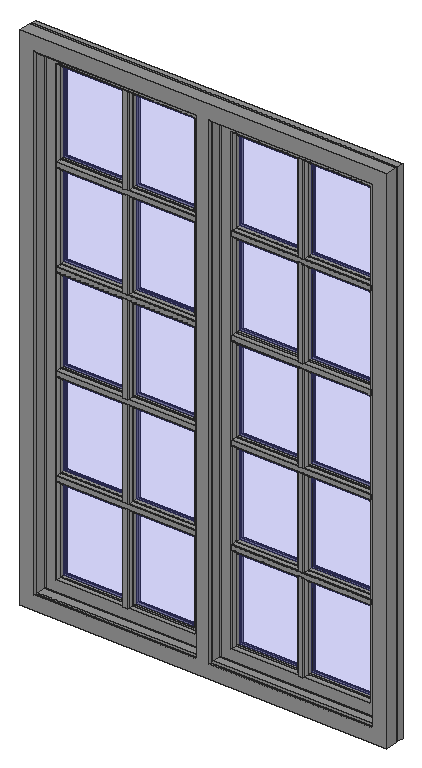
Revit family "MA22SP", category Windows, host Wall, Revit 2015
Parameters (values of type "MA22SP")
  Height = 1461 mm
  Default Lintel Height = 2100 mm
  Wall Closure = By host
  Width = 1040 mm
Reference planes
  plane 1 "Center (Front/Back)": y = 0
  plane 2 "Center (Left/Right)": x = 0
  plane 3 "Left": x = -520
  plane 4 "Right": x = 520
  plane 5 "Sill": z = 639
  plane 6 "Head": z = 2100
  plane 7 "Exterior": y = 100
  plane 8 "Interior": y = -100
  plane 9: y = -28.5
  plane 10: y = 23.5
  plane 11: z = 1369.5
Forms (mm)
  Sweep 1, solid, material "Lauan, Meranti"
    path origin (-10500, 23.5, 2100) x (0, 0, -1) y (-1, 0, 0)
      loop
        line (0, -11020) -> (1461, -11020) -> (1461, -9980) -> (0, -9980) -> (0, -11020)
    profile origin (0, 23.5, 2100) x (0, 0, 1) y (0, 1, 0)
      loop
        line (0, 5) -> (-29, 5) -> (-29, -20) -> (-37.5, -20) -> (-37.5, -26) -> (-40.5, -26) -> (-40.5, -20) -> (-44, -20) -> (-44, -46) -> (-39, -46) -> (-39, -52) -> (0, -52) -> (0, -18) -> (-10, -18) -> (-10, -10) -> (0, -10) -> (0, 5)
  Sweep 2, solid, material "Rubber"
    path origin (-10500, 23.5, 2100) x (0, 0, -1) y (-1, 0, 0)
      loop
        line (37.5, -10982.5) -> (1423.5, -10982.5) -> (1423.5, -10515.5) -> (37.5, -10515.5) -> (37.5, -10982.5)
    profile origin (249, 23.5, 2062.5) x (0, 0, 1) y (0, 1, 0)
      loop
        line (-1.5, -15) -> (-6.5, -17) -> (-6.5, -20) -> (-2.5, -20) -> (-2.5, -22.43) -> (-3.5, -22.43) -> (-2.5, -22.698) -> (-2.5, -24.464) -> (-3.5, -24.464) -> (-1.5, -25) -> (0.5, -24.464) -> (-0.5, -24.464) -> (-0.5, -22.698) -> (0.5, -22.43) -> (-0.5, -22.43) -> (-0.5, -20) -> (3.5, -20) -> (3.5, -17) -> (-1.5, -15)
  Sweep 3, solid, material "Rubber"
    path origin (-10500, 23.5, 2100) x (0, 0, -1) y (-1, 0, 0)
      loop
        line (37.5, -10484.5) -> (1423.5, -10484.5) -> (1423.5, -10017.5) -> (37.5, -10017.5) -> (37.5, -10484.5)
    profile origin (-249, 23.5, 2062.5) x (0, 0, 1) y (0, 1, 0)
      loop
        line (-0.5, -20) -> (3.5, -20) -> (3.5, -17) -> (-1.5, -15) -> (-6.5, -17) -> (-6.5, -20) -> (-2.5, -20) -> (-2.5, -22.43) -> (-3.5, -22.43) -> (-2.5, -22.698) -> (-2.5, -24.464) -> (-3.5, -24.464) -> (-1.5, -25) -> (0.5, -24.464) -> (-0.5, -24.464) -> (-0.5, -22.698) -> (0.5, -22.43) -> (-0.5, -22.43) -> (-0.5, -20)
  Sweep 4, solid, material "Lauan, Meranti"
    path origin (-10500, 23.5, 2100) x (0, 0, -1) y (-1, 0, 0)
      loop
        line (29, -10991) -> (1432, -10991) -> (1432, -10507) -> (29, -10507) -> (29, -10991)
    profile origin (249, 23.5, 2071) x (0, 0, 1) y (0, 1, 0)
      loop
        line (-1, 25) -> (-43, 25) -> (-43, 0) -> (-52, 0) -> (-52, -8) -> (-49, -8)
        arc (-49, -8) -> (-47.243, -12.243) -> (-43, -14) r 6
        line (-43, -14) -> (-43, -17) -> (-10, -17) -> (-10, -13) -> (-12, -13) -> (-12, -8) -> (-14, -7.464) -> (-14, -2.536) -> (-12, -2) -> (-12, 5) -> (5, 5) -> (5, 19)
        arc (5, 19) -> (3.242, 23.243) -> (-1, 25) r 6
  Sweep 5, solid, material "Lauan, Meranti"
    path origin (-10500, 23.5, 2100) x (0, 0, -1) y (-1, 0, 0)
      loop
        line (29, -10493) -> (1432, -10493) -> (1432, -10009) -> (29, -10009) -> (29, -10493)
    profile origin (-249, 23.5, 2071) x (0, 0, 1) y (0, 1, 0)
      loop
        line (-1, 25) -> (-43, 25) -> (-43, 0) -> (-52, 0) -> (-52, -8) -> (-49, -8)
        arc (-49, -8) -> (-47.243, -12.243) -> (-43, -14) r 6
        line (-43, -14) -> (-43, -17) -> (-10, -17) -> (-10, -13) -> (-12, -13) -> (-12, -8) -> (-14, -7.464) -> (-14, -2.536) -> (-12, -2) -> (-12, 5) -> (5, 5) -> (5, 19)
        arc (5, 19) -> (3.242, 23.243) -> (-1, 25) r 6
  Extrusion 6, solid, material "Lauan, Meranti"
    sketch origin (0, 0, -360) x (1, 0, 0) y (0, 1, 0)
      loop
        line (22, -22.5) -> (22, 3.5) -> (18.5, 3.5) -> (18.5, -2.5) -> (15.5, -2.5) -> (15.5, 3.5) -> (7, 3.5) -> (7, 28.5) -> (-7, 28.5) -> (-7, 3.5) -> (-15.5, 3.5) -> (-15.5, -2.5) -> (-18.5, -2.5) -> (-18.5, 3.5) -> (-22, 3.5) -> (-22, -22.5) -> (-17, -22.5) -> (-17, -28.5) -> (17, -28.5) -> (17, -22.5) -> (22, -22.5)
    from 1028 to 2431
  Extrusion 7, solid, material "Lauan, Meranti"
    sketch origin (248.689, 25, 184.173) x (1, 0, 0) y (0, 1, 0)
      loop
        line (-6.5, 23.5) -> (-6.5, -1.5) -> (-15.5, -1.5) -> (-15.5, -9.5) -> (-12.5, -9.5)
        arc (-12.5, -9.5) -> (-10.743, -13.743) -> (-6.5, -15.5) r 6
        line (-6.5, -15.5) -> (-6.5, -18.5) -> (6.5, -18.5) -> (6.5, -15.5)
        arc (6.5, -15.5) -> (10.743, -13.743) -> (12.5, -9.5) r 6
        line (12.5, -9.5) -> (15.5, -9.5) -> (15.5, -1.5) -> (6.5, -1.5) -> (6.5, 23.5) -> (-6.5, 23.5)
    from 1590.827 to 1843.827
  Extrusion 8, solid, material "Lauan, Meranti"
    sketch origin (-21.924, 0, -15.839) x (0, -1, 0) y (0, 0, 1)
      loop
        line (-48.5, 1777.838) -> (-23.5, 1777.838) -> (-23.5, 1768.838) -> (-15.5, 1768.838) -> (-15.5, 1771.838)
        arc (-15.5, 1771.838) -> (-11.257, 1773.596) -> (-9.5, 1777.838) r 6
        line (-9.5, 1777.838) -> (-6.5, 1777.838) -> (-6.5, 1790.838) -> (-9.5, 1790.838)
        arc (-9.5, 1790.838) -> (-11.257, 1795.081) -> (-15.5, 1796.838) r 6
        line (-15.5, 1796.838) -> (-15.5, 1799.838) -> (-23.5, 1799.838) -> (-23.5, 1790.838) -> (-48.5, 1790.838) -> (-48.5, 1777.838)
      loop
        line (-48.5, 1511.838) -> (-23.5, 1511.838) -> (-23.5, 1502.838) -> (-15.5, 1502.838) -> (-15.5, 1505.838)
        arc (-15.5, 1505.838) -> (-11.257, 1507.596) -> (-9.5, 1511.838) r 6
        line (-9.5, 1511.838) -> (-6.5, 1511.838) -> (-6.5, 1524.838) -> (-9.5, 1524.838)
        arc (-9.5, 1524.838) -> (-11.257, 1529.081) -> (-15.5, 1530.838) r 6
        line (-15.5, 1530.838) -> (-15.5, 1533.838) -> (-23.5, 1533.838) -> (-23.5, 1524.838) -> (-48.5, 1524.838) -> (-48.5, 1511.838)
      loop
        line (-48.5, 1245.838) -> (-23.5, 1245.838) -> (-23.5, 1236.838) -> (-15.5, 1236.838) -> (-15.5, 1239.838)
        arc (-15.5, 1239.838) -> (-11.257, 1241.596) -> (-9.5, 1245.838) r 6
        line (-9.5, 1245.838) -> (-6.5, 1245.838) -> (-6.5, 1258.838) -> (-9.5, 1258.838)
        arc (-9.5, 1258.838) -> (-11.257, 1263.081) -> (-15.5, 1264.838) r 6
        line (-15.5, 1264.838) -> (-15.5, 1267.838) -> (-23.5, 1267.838) -> (-23.5, 1258.838) -> (-48.5, 1258.838) -> (-48.5, 1245.838)
      loop
        line (-48.5, 979.838) -> (-23.5, 979.838) -> (-23.5, 970.838) -> (-15.5, 970.838) -> (-15.5, 973.838)
        arc (-15.5, 973.838) -> (-11.257, 975.596) -> (-9.5, 979.838) r 6
        line (-9.5, 979.838) -> (-6.5, 979.838) -> (-6.5, 992.838) -> (-9.5, 992.838)
        arc (-9.5, 992.838) -> (-11.257, 997.081) -> (-15.5, 998.838) r 6
        line (-15.5, 998.838) -> (-15.5, 1001.838) -> (-23.5, 1001.838) -> (-23.5, 992.838) -> (-48.5, 992.838) -> (-48.5, 979.838)
    from -469.924 to -71.925
  Extrusion 9, solid, material "Lauan, Meranti"
    sketch origin (248.689, 25, -81.827) x (1, 0, 0) y (0, 1, 0)
      loop
        line (-6.5, 23.5) -> (-6.5, -1.5) -> (-15.5, -1.5) -> (-15.5, -9.5) -> (-12.5, -9.5)
        arc (-12.5, -9.5) -> (-10.743, -13.743) -> (-6.5, -15.5) r 6
        line (-6.5, -15.5) -> (-6.5, -18.5) -> (6.5, -18.5) -> (6.5, -15.5)
        arc (6.5, -15.5) -> (10.743, -13.743) -> (12.5, -9.5) r 6
        line (12.5, -9.5) -> (15.5, -9.5) -> (15.5, -1.5) -> (6.5, -1.5) -> (6.5, 23.5) -> (-6.5, 23.5)
    from 1590.827 to 1843.827
  Extrusion 10, solid, material "Lauan, Meranti"
    sketch origin (248.689, 25, -347.827) x (1, 0, 0) y (0, 1, 0)
      loop
        line (-6.5, 23.5) -> (-6.5, -1.5) -> (-15.5, -1.5) -> (-15.5, -9.5) -> (-12.5, -9.5)
        arc (-12.5, -9.5) -> (-10.743, -13.743) -> (-6.5, -15.5) r 6
        line (-6.5, -15.5) -> (-6.5, -18.5) -> (6.5, -18.5) -> (6.5, -15.5)
        arc (6.5, -15.5) -> (10.743, -13.743) -> (12.5, -9.5) r 6
        line (12.5, -9.5) -> (15.5, -9.5) -> (15.5, -1.5) -> (6.5, -1.5) -> (6.5, 23.5) -> (-6.5, 23.5)
    from 1590.827 to 1843.827
  Extrusion 11, solid, material "Lauan, Meranti"
    sketch origin (248.689, 25, -613.827) x (1, 0, 0) y (0, 1, 0)
      loop
        line (-6.5, 23.5) -> (-6.5, -1.5) -> (-15.5, -1.5) -> (-15.5, -9.5) -> (-12.5, -9.5)
        arc (-12.5, -9.5) -> (-10.743, -13.743) -> (-6.5, -15.5) r 6
        line (-6.5, -15.5) -> (-6.5, -18.5) -> (6.5, -18.5) -> (6.5, -15.5)
        arc (6.5, -15.5) -> (10.743, -13.743) -> (12.5, -9.5) r 6
        line (12.5, -9.5) -> (15.5, -9.5) -> (15.5, -1.5) -> (6.5, -1.5) -> (6.5, 23.5) -> (-6.5, 23.5)
    from 1590.827 to 1843.827
  Extrusion 12, solid, material "Lauan, Meranti"
    sketch origin (248.689, 25, -879.827) x (1, 0, 0) y (0, 1, 0)
      loop
        line (-6.5, 23.5) -> (-6.5, -1.5) -> (-15.5, -1.5) -> (-15.5, -9.5) -> (-12.5, -9.5)
        arc (-12.5, -9.5) -> (-10.743, -13.743) -> (-6.5, -15.5) r 6
        line (-6.5, -15.5) -> (-6.5, -18.5) -> (6.5, -18.5) -> (6.5, -15.5)
        arc (6.5, -15.5) -> (10.743, -13.743) -> (12.5, -9.5) r 6
        line (12.5, -9.5) -> (15.5, -9.5) -> (15.5, -1.5) -> (6.5, -1.5) -> (6.5, 23.5) -> (-6.5, 23.5)
    from 1590.828 to 1843.827
  Extrusion 13, solid, material "Glass"
    sketch origin (-10251, 23.5, 2100) x (0, 0, -1) y (-1, 0, 0)
      loop
        line (72, -10699) -> (325, -10699) -> (325, -10506.189) -> (72, -10506.189) -> (72, -10699)
      loop
        line (72, -10493.189) -> (325, -10493.189) -> (325, -10301) -> (72, -10301) -> (72, -10493.189)
      loop
        line (338, -10699) -> (591, -10699) -> (591, -10506.189) -> (338, -10506.189) -> (338, -10699)
      loop
        line (338, -10493.189) -> (591, -10493.189) -> (591, -10301) -> (338, -10301) -> (338, -10493.189)
      loop
        line (604, -10699) -> (857, -10699) -> (857, -10506.189) -> (604, -10506.189) -> (604, -10699)
      loop
        line (604, -10493.189) -> (857, -10493.189) -> (857, -10301) -> (604, -10301) -> (604, -10493.189)
      loop
        line (870, -10699) -> (1123, -10699) -> (1123, -10506.189) -> (870, -10506.189) -> (870, -10699)
      loop
        line (870, -10493.189) -> (1123, -10493.189) -> (1123, -10301) -> (870, -10301) -> (870, -10493.189)
      loop
        line (1136, -10699) -> (1389, -10699) -> (1389, -10506.189) -> (1136, -10506.189) -> (1136, -10699)
      loop
        line (1136, -10493.189) -> (1389, -10493.189) -> (1389, -10301) -> (1136, -10301) -> (1136, -10493.189)
    from 0 to 6.4
  Sweep 14, solid, material "Lauan, Meranti"
    path origin (249.01, 100, 0.011) x (1, 0, 0) y (0, 0, 1)
      loop
        line (198.989, 2027.989) -> (6.179, 2027.989) -> (6.179, 1774.989) -> (198.989, 1774.989) -> (198.989, 2027.989)
    profile origin (351.594, 100, 2028) x (0, 0, -1) y (0, -1, 0)
      loop
        arc (0, 62.1) -> (4.67, 63.734) -> (7, 68.1) r 6.807
        line (7, 68.1) -> (9, 68.1) -> (9, 70.1) -> (0, 70.1) -> (0, 62.1)
  Sweep 15, solid, material "Lauan, Meranti"
    path origin (43.821, 100, 0.011) x (1, 0, 0) y (0, 0, 1)
      loop
        line (198.368, 2027.989) -> (6.179, 2027.989) -> (6.179, 1774.989) -> (198.368, 1774.989) -> (198.368, 2027.989)
    profile origin (146.095, 100, 2028) x (0, 0, -1) y (0, -1, 0)
      loop
        arc (0, 62.1) -> (4.67, 63.734) -> (7, 68.1) r 6.807
        line (7, 68.1) -> (9, 68.1) -> (9, 70.1) -> (0, 70.1) -> (0, 62.1)
  Sweep 16, solid, material "Lauan, Meranti"
    path origin (249.01, 100, -265.989) x (1, 0, 0) y (0, 0, 1)
      loop
        line (198.989, 2027.989) -> (6.179, 2027.989) -> (6.179, 1774.989) -> (198.989, 1774.989) -> (198.989, 2027.989)
    profile origin (351.594, 100, 1762) x (0, 0, -1) y (0, -1, 0)
      loop
        arc (0, 62.1) -> (4.67, 63.734) -> (7, 68.1) r 6.807
        line (7, 68.1) -> (9, 68.1) -> (9, 70.1) -> (0, 70.1) -> (0, 62.1)
  Sweep 17, solid, material "Lauan, Meranti"
    path origin (43.821, 100, -265.989) x (1, 0, 0) y (0, 0, 1)
      loop
        line (198.368, 2027.989) -> (6.179, 2027.989) -> (6.179, 1774.989) -> (198.368, 1774.989) -> (198.368, 2027.989)
    profile origin (146.095, 100, 1762) x (0, 0, -1) y (0, -1, 0)
      loop
        arc (0, 62.1) -> (4.67, 63.734) -> (7, 68.1) r 6.807
        line (7, 68.1) -> (9, 68.1) -> (9, 70.1) -> (0, 70.1) -> (0, 62.1)
  Sweep 18, solid, material "Lauan, Meranti"
    path origin (249.01, 100, -531.989) x (1, 0, 0) y (0, 0, 1)
      loop
        line (198.989, 2027.989) -> (6.179, 2027.989) -> (6.179, 1774.989) -> (198.989, 1774.989) -> (198.989, 2027.989)
    profile origin (351.594, 100, 1496) x (0, 0, -1) y (0, -1, 0)
      loop
        arc (0, 62.1) -> (4.67, 63.734) -> (7, 68.1) r 6.807
        line (7, 68.1) -> (9, 68.1) -> (9, 70.1) -> (0, 70.1) -> (0, 62.1)
  Sweep 19, solid, material "Lauan, Meranti"
    path origin (43.821, 100, -531.989) x (1, 0, 0) y (0, 0, 1)
      loop
        line (198.368, 2027.989) -> (6.179, 2027.989) -> (6.179, 1774.989) -> (198.368, 1774.989) -> (198.368, 2027.989)
    profile origin (146.095, 100, 1496) x (0, 0, -1) y (0, -1, 0)
      loop
        arc (0, 62.1) -> (4.67, 63.734) -> (7, 68.1) r 6.807
        line (7, 68.1) -> (9, 68.1) -> (9, 70.1) -> (0, 70.1) -> (0, 62.1)
  Sweep 20, solid, material "Lauan, Meranti"
    path origin (249.01, 100, -797.989) x (1, 0, 0) y (0, 0, 1)
      loop
        line (198.989, 2027.989) -> (6.179, 2027.989) -> (6.179, 1774.989) -> (198.989, 1774.989) -> (198.989, 2027.989)
    profile origin (351.594, 100, 1230) x (0, 0, -1) y (0, -1, 0)
      loop
        arc (0, 62.1) -> (4.67, 63.734) -> (7, 68.1) r 6.807
        line (7, 68.1) -> (9, 68.1) -> (9, 70.1) -> (0, 70.1) -> (0, 62.1)
  Sweep 21, solid, material "Lauan, Meranti"
    path origin (43.821, 100, -797.989) x (1, 0, 0) y (0, 0, 1)
      loop
        line (198.368, 2027.989) -> (6.179, 2027.989) -> (6.179, 1774.989) -> (198.368, 1774.989) -> (198.368, 2027.989)
    profile origin (146.095, 100, 1230) x (0, 0, -1) y (0, -1, 0)
      loop
        arc (0, 62.1) -> (4.67, 63.734) -> (7, 68.1) r 6.807
        line (7, 68.1) -> (9, 68.1) -> (9, 70.1) -> (0, 70.1) -> (0, 62.1)
  Sweep 22, solid, material "Lauan, Meranti"
    path origin (249.01, 100, -1063.989) x (1, 0, 0) y (0, 0, 1)
      loop
        line (198.989, 2027.989) -> (6.179, 2027.989) -> (6.179, 1774.989) -> (198.989, 1774.989) -> (198.989, 2027.989)
    profile origin (351.594, 100, 964) x (0, 0, -1) y (0, -1, 0)
      loop
        arc (0, 62.1) -> (4.67, 63.734) -> (7, 68.1) r 6.807
        line (7, 68.1) -> (9, 68.1) -> (9, 70.1) -> (0, 70.1) -> (0, 62.1)
  Sweep 23, solid, material "Lauan, Meranti"
    path origin (43.821, 100, -1063.989) x (1, 0, 0) y (0, 0, 1)
      loop
        line (198.368, 2027.989) -> (6.179, 2027.989) -> (6.179, 1774.989) -> (198.368, 1774.989) -> (198.368, 2027.989)
    profile origin (146.095, 100, 964) x (0, 0, -1) y (0, -1, 0)
      loop
        arc (0, 62.1) -> (4.67, 63.734) -> (7, 68.1) r 6.807
        line (7, 68.1) -> (9, 68.1) -> (9, 70.1) -> (0, 70.1) -> (0, 62.1)
  Extrusion 24, solid, material "Lauan, Meranti"
    sketch origin (-249.311, 25, 184.173) x (1, 0, 0) y (0, 1, 0)
      loop
        line (-6.5, 23.5) -> (-6.5, -1.5) -> (-15.5, -1.5) -> (-15.5, -9.5) -> (-12.5, -9.5)
        arc (-12.5, -9.5) -> (-10.743, -13.743) -> (-6.5, -15.5) r 6
        line (-6.5, -15.5) -> (-6.5, -18.5) -> (6.5, -18.5) -> (6.5, -15.5)
        arc (6.5, -15.5) -> (10.743, -13.743) -> (12.5, -9.5) r 6
        line (12.5, -9.5) -> (15.5, -9.5) -> (15.5, -1.5) -> (6.5, -1.5) -> (6.5, 23.5) -> (-6.5, 23.5)
    from 1590.827 to 1843.827
  Extrusion 25, solid, material "Lauan, Meranti"
    sketch origin (-519.924, 0, -15.839) x (0, -1, 0) y (0, 0, 1)
      loop
        line (-48.5, 1777.838) -> (-23.5, 1777.838) -> (-23.5, 1768.838) -> (-15.5, 1768.838) -> (-15.5, 1771.838)
        arc (-15.5, 1771.838) -> (-11.257, 1773.596) -> (-9.5, 1777.838) r 6
        line (-9.5, 1777.838) -> (-6.5, 1777.838) -> (-6.5, 1790.838) -> (-9.5, 1790.838)
        arc (-9.5, 1790.838) -> (-11.257, 1795.081) -> (-15.5, 1796.838) r 6
        line (-15.5, 1796.838) -> (-15.5, 1799.838) -> (-23.5, 1799.838) -> (-23.5, 1790.838) -> (-48.5, 1790.838) -> (-48.5, 1777.838)
      loop
        line (-48.5, 1511.838) -> (-23.5, 1511.838) -> (-23.5, 1502.838) -> (-15.5, 1502.838) -> (-15.5, 1505.838)
        arc (-15.5, 1505.838) -> (-11.257, 1507.596) -> (-9.5, 1511.838) r 6
        line (-9.5, 1511.838) -> (-6.5, 1511.838) -> (-6.5, 1524.838) -> (-9.5, 1524.838)
        arc (-9.5, 1524.838) -> (-11.257, 1529.081) -> (-15.5, 1530.838) r 6
        line (-15.5, 1530.838) -> (-15.5, 1533.838) -> (-23.5, 1533.838) -> (-23.5, 1524.838) -> (-48.5, 1524.838) -> (-48.5, 1511.838)
      loop
        line (-48.5, 1245.838) -> (-23.5, 1245.838) -> (-23.5, 1236.838) -> (-15.5, 1236.838) -> (-15.5, 1239.838)
        arc (-15.5, 1239.838) -> (-11.257, 1241.596) -> (-9.5, 1245.838) r 6
        line (-9.5, 1245.838) -> (-6.5, 1245.838) -> (-6.5, 1258.838) -> (-9.5, 1258.838)
        arc (-9.5, 1258.838) -> (-11.257, 1263.081) -> (-15.5, 1264.838) r 6
        line (-15.5, 1264.838) -> (-15.5, 1267.838) -> (-23.5, 1267.838) -> (-23.5, 1258.838) -> (-48.5, 1258.838) -> (-48.5, 1245.838)
      loop
        line (-48.5, 979.838) -> (-23.5, 979.838) -> (-23.5, 970.838) -> (-15.5, 970.838) -> (-15.5, 973.838)
        arc (-15.5, 973.838) -> (-11.257, 975.596) -> (-9.5, 979.838) r 6
        line (-9.5, 979.838) -> (-6.5, 979.838) -> (-6.5, 992.838) -> (-9.5, 992.838)
        arc (-9.5, 992.838) -> (-11.257, 997.081) -> (-15.5, 998.838) r 6
        line (-15.5, 998.838) -> (-15.5, 1001.838) -> (-23.5, 1001.838) -> (-23.5, 992.838) -> (-48.5, 992.838) -> (-48.5, 979.838)
    from -469.924 to -71.925
  Extrusion 26, solid, material "Lauan, Meranti"
    sketch origin (-249.311, 25, -81.827) x (1, 0, 0) y (0, 1, 0)
      loop
        line (-6.5, 23.5) -> (-6.5, -1.5) -> (-15.5, -1.5) -> (-15.5, -9.5) -> (-12.5, -9.5)
        arc (-12.5, -9.5) -> (-10.743, -13.743) -> (-6.5, -15.5) r 6
        line (-6.5, -15.5) -> (-6.5, -18.5) -> (6.5, -18.5) -> (6.5, -15.5)
        arc (6.5, -15.5) -> (10.743, -13.743) -> (12.5, -9.5) r 6
        line (12.5, -9.5) -> (15.5, -9.5) -> (15.5, -1.5) -> (6.5, -1.5) -> (6.5, 23.5) -> (-6.5, 23.5)
    from 1590.827 to 1843.827
  Extrusion 27, solid, material "Lauan, Meranti"
    sketch origin (-249.311, 25, -347.827) x (1, 0, 0) y (0, 1, 0)
      loop
        line (-6.5, 23.5) -> (-6.5, -1.5) -> (-15.5, -1.5) -> (-15.5, -9.5) -> (-12.5, -9.5)
        arc (-12.5, -9.5) -> (-10.743, -13.743) -> (-6.5, -15.5) r 6
        line (-6.5, -15.5) -> (-6.5, -18.5) -> (6.5, -18.5) -> (6.5, -15.5)
        arc (6.5, -15.5) -> (10.743, -13.743) -> (12.5, -9.5) r 6
        line (12.5, -9.5) -> (15.5, -9.5) -> (15.5, -1.5) -> (6.5, -1.5) -> (6.5, 23.5) -> (-6.5, 23.5)
    from 1590.827 to 1843.827
  Extrusion 28, solid, material "Lauan, Meranti"
    sketch origin (-249.311, 25, -613.827) x (1, 0, 0) y (0, 1, 0)
      loop
        line (-6.5, 23.5) -> (-6.5, -1.5) -> (-15.5, -1.5) -> (-15.5, -9.5) -> (-12.5, -9.5)
        arc (-12.5, -9.5) -> (-10.743, -13.743) -> (-6.5, -15.5) r 6
        line (-6.5, -15.5) -> (-6.5, -18.5) -> (6.5, -18.5) -> (6.5, -15.5)
        arc (6.5, -15.5) -> (10.743, -13.743) -> (12.5, -9.5) r 6
        line (12.5, -9.5) -> (15.5, -9.5) -> (15.5, -1.5) -> (6.5, -1.5) -> (6.5, 23.5) -> (-6.5, 23.5)
    from 1590.827 to 1843.827
  Extrusion 29, solid, material "Lauan, Meranti"
    sketch origin (-249.311, 25, -879.827) x (1, 0, 0) y (0, 1, 0)
      loop
        line (-6.5, 23.5) -> (-6.5, -1.5) -> (-15.5, -1.5) -> (-15.5, -9.5) -> (-12.5, -9.5)
        arc (-12.5, -9.5) -> (-10.743, -13.743) -> (-6.5, -15.5) r 6
        line (-6.5, -15.5) -> (-6.5, -18.5) -> (6.5, -18.5) -> (6.5, -15.5)
        arc (6.5, -15.5) -> (10.743, -13.743) -> (12.5, -9.5) r 6
        line (12.5, -9.5) -> (15.5, -9.5) -> (15.5, -1.5) -> (6.5, -1.5) -> (6.5, 23.5) -> (-6.5, 23.5)
    from 1590.828 to 1843.827
  Extrusion 30, solid, material "Glass"
    sketch origin (-10749, 23.5, 2100) x (0, 0, -1) y (-1, 0, 0)
      loop
        line (72, -10699) -> (325, -10699) -> (325, -10506.189) -> (72, -10506.189) -> (72, -10699)
      loop
        line (72, -10493.189) -> (325, -10493.189) -> (325, -10301) -> (72, -10301) -> (72, -10493.189)
      loop
        line (338, -10699) -> (591, -10699) -> (591, -10506.189) -> (338, -10506.189) -> (338, -10699)
      loop
        line (338, -10493.189) -> (591, -10493.189) -> (591, -10301) -> (338, -10301) -> (338, -10493.189)
      loop
        line (604, -10699) -> (857, -10699) -> (857, -10506.189) -> (604, -10506.189) -> (604, -10699)
      loop
        line (604, -10493.189) -> (857, -10493.189) -> (857, -10301) -> (604, -10301) -> (604, -10493.189)
      loop
        line (870, -10699) -> (1123, -10699) -> (1123, -10506.189) -> (870, -10506.189) -> (870, -10699)
      loop
        line (870, -10493.189) -> (1123, -10493.189) -> (1123, -10301) -> (870, -10301) -> (870, -10493.189)
      loop
        line (1136, -10699) -> (1389, -10699) -> (1389, -10506.189) -> (1136, -10506.189) -> (1136, -10699)
      loop
        line (1136, -10493.189) -> (1389, -10493.189) -> (1389, -10301) -> (1136, -10301) -> (1136, -10493.189)
    from 0 to 6.4
  Sweep 31, solid, material "Lauan, Meranti"
    path origin (-248.99, 100, 0.011) x (1, 0, 0) y (0, 0, 1)
      loop
        line (198.989, 2027.989) -> (6.179, 2027.989) -> (6.179, 1774.989) -> (198.989, 1774.989) -> (198.989, 2027.989)
    profile origin (-146.406, 100, 2028) x (0, 0, -1) y (0, -1, 0)
      loop
        arc (0, 62.1) -> (4.67, 63.734) -> (7, 68.1) r 6.807
        line (7, 68.1) -> (9, 68.1) -> (9, 70.1) -> (0, 70.1) -> (0, 62.1)
  Sweep 32, solid, material "Lauan, Meranti"
    path origin (-454.179, 100, 0.011) x (1, 0, 0) y (0, 0, 1)
      loop
        line (198.368, 2027.989) -> (6.179, 2027.989) -> (6.179, 1774.989) -> (198.368, 1774.989) -> (198.368, 2027.989)
    profile origin (-351.905, 100, 2028) x (0, 0, -1) y (0, -1, 0)
      loop
        arc (0, 62.1) -> (4.67, 63.734) -> (7, 68.1) r 6.807
        line (7, 68.1) -> (9, 68.1) -> (9, 70.1) -> (0, 70.1) -> (0, 62.1)
  Sweep 33, solid, material "Lauan, Meranti"
    path origin (-248.99, 100, -265.989) x (1, 0, 0) y (0, 0, 1)
      loop
        line (198.989, 2027.989) -> (6.179, 2027.989) -> (6.179, 1774.989) -> (198.989, 1774.989) -> (198.989, 2027.989)
    profile origin (-146.406, 100, 1762) x (0, 0, -1) y (0, -1, 0)
      loop
        arc (0, 62.1) -> (4.67, 63.734) -> (7, 68.1) r 6.807
        line (7, 68.1) -> (9, 68.1) -> (9, 70.1) -> (0, 70.1) -> (0, 62.1)
  Sweep 34, solid, material "Lauan, Meranti"
    path origin (-454.179, 100, -265.989) x (1, 0, 0) y (0, 0, 1)
      loop
        line (198.368, 2027.989) -> (6.179, 2027.989) -> (6.179, 1774.989) -> (198.368, 1774.989) -> (198.368, 2027.989)
    profile origin (-351.905, 100, 1762) x (0, 0, -1) y (0, -1, 0)
      loop
        arc (0, 62.1) -> (4.67, 63.734) -> (7, 68.1) r 6.807
        line (7, 68.1) -> (9, 68.1) -> (9, 70.1) -> (0, 70.1) -> (0, 62.1)
  Sweep 35, solid, material "Lauan, Meranti"
    path origin (-248.99, 100, -531.989) x (1, 0, 0) y (0, 0, 1)
      loop
        line (198.989, 2027.989) -> (6.179, 2027.989) -> (6.179, 1774.989) -> (198.989, 1774.989) -> (198.989, 2027.989)
    profile origin (-146.406, 100, 1496) x (0, 0, -1) y (0, -1, 0)
      loop
        arc (0, 62.1) -> (4.67, 63.734) -> (7, 68.1) r 6.807
        line (7, 68.1) -> (9, 68.1) -> (9, 70.1) -> (0, 70.1) -> (0, 62.1)
  Sweep 36, solid, material "Lauan, Meranti"
    path origin (-454.179, 100, -531.989) x (1, 0, 0) y (0, 0, 1)
      loop
        line (198.368, 2027.989) -> (6.179, 2027.989) -> (6.179, 1774.989) -> (198.368, 1774.989) -> (198.368, 2027.989)
    profile origin (-351.905, 100, 1496) x (0, 0, -1) y (0, -1, 0)
      loop
        arc (0, 62.1) -> (4.67, 63.734) -> (7, 68.1) r 6.807
        line (7, 68.1) -> (9, 68.1) -> (9, 70.1) -> (0, 70.1) -> (0, 62.1)
  Sweep 37, solid, material "Lauan, Meranti"
    path origin (-248.99, 100, -797.989) x (1, 0, 0) y (0, 0, 1)
      loop
        line (198.989, 2027.989) -> (6.179, 2027.989) -> (6.179, 1774.989) -> (198.989, 1774.989) -> (198.989, 2027.989)
    profile origin (-146.406, 100, 1230) x (0, 0, -1) y (0, -1, 0)
      loop
        arc (0, 62.1) -> (4.67, 63.734) -> (7, 68.1) r 6.807
        line (7, 68.1) -> (9, 68.1) -> (9, 70.1) -> (0, 70.1) -> (0, 62.1)
  Sweep 38, solid, material "Lauan, Meranti"
    path origin (-454.179, 100, -797.989) x (1, 0, 0) y (0, 0, 1)
      loop
        line (198.368, 2027.989) -> (6.179, 2027.989) -> (6.179, 1774.989) -> (198.368, 1774.989) -> (198.368, 2027.989)
    profile origin (-351.905, 100, 1230) x (0, 0, -1) y (0, -1, 0)
      loop
        arc (0, 62.1) -> (4.67, 63.734) -> (7, 68.1) r 6.807
        line (7, 68.1) -> (9, 68.1) -> (9, 70.1) -> (0, 70.1) -> (0, 62.1)
  Sweep 39, solid, material "Lauan, Meranti"
    path origin (-248.99, 100, -1063.989) x (1, 0, 0) y (0, 0, 1)
      loop
        line (198.989, 2027.989) -> (6.179, 2027.989) -> (6.179, 1774.989) -> (198.989, 1774.989) -> (198.989, 2027.989)
    profile origin (-146.406, 100, 964) x (0, 0, -1) y (0, -1, 0)
      loop
        arc (0, 62.1) -> (4.67, 63.734) -> (7, 68.1) r 6.807
        line (7, 68.1) -> (9, 68.1) -> (9, 70.1) -> (0, 70.1) -> (0, 62.1)
  Sweep 40, solid, material "Lauan, Meranti"
    path origin (-454.179, 100, -1063.989) x (1, 0, 0) y (0, 0, 1)
      loop
        line (198.368, 2027.989) -> (6.179, 2027.989) -> (6.179, 1774.989) -> (198.368, 1774.989) -> (198.368, 2027.989)
    profile origin (-351.905, 100, 964) x (0, 0, -1) y (0, -1, 0)
      loop
        arc (0, 62.1) -> (4.67, 63.734) -> (7, 68.1) r 6.807
        line (7, 68.1) -> (9, 68.1) -> (9, 70.1) -> (0, 70.1) -> (0, 62.1)
Cuts and joins
  joined: Sweep 1, Extrusion 6
Lines and regions (mm)
  Opening 1
    outline origin (3500, -100, 0) x (1, 0, 0) y (0, 0, 1)
      loop
        line (-2980, 639) -> (-2980, 2100) -> (-4020, 2100) -> (-4020, 639) -> (-2980, 639)
  model lines
    curve 1: line (496, 48.5, 2076) -> (2, 48.5, 1369.5)
    curve 2: line (2, 48.5, 1369.5) -> (496, 48.5, 663)
    curve 3: line (-496, 48.5, 2076) -> (-2, 48.5, 1369.5)
    curve 4: line (-2, 48.5, 1369.5) -> (-496, 48.5, 663)
Text (mm)
  text "EXTERIOR" at (-1963.203, 1332.353, 0), in view "Ref. Level"
  text "INTERIOR" at (-1981.466, -818.386, 0), in view "Ref. Level"
  text "Exterior" at (0, 923.751, 2943.296), in view "Right"
  text "Exterior" at (0, 1040.484, 2685.409), in view "Left"
Dimensions and locks
  equal spacing: plane 3 "Left", plane 2 "Center (Left/Right)", plane 4 "Right"
  "Width": plane 3 "Left" to plane 4 "Right"
  "Height": plane 5 "Sill" to plane 6 "Head"
  "Default Lintel Height": plane 6 "Head" to level
  locked: plane 7 "Exterior" to host wall at 0
  locked: plane 8 "Interior" to host wall
  locked: plane 10 to plane 9 at 52
  equal spacing: plane 5 "Sill", plane 11, plane 6 "Head"
  plane 5 "Sill" to Sweep 22 sketch curve to Sweep 22 sketch curve = 72 mm, 253 mm
  aligned and locked: Sweep 1 sketch curve to host wall  (x4)
  aligned and locked: Sweep 2 sketch curve to Sweep 1  (x2)
  aligned and locked: Sweep 1 to Sweep 2 sketch curve
  aligned and locked: Sweep 1 to Sweep 3 sketch curve
  aligned and locked: Sweep 3 sketch curve to Sweep 1  (x2)
  aligned and locked: Sweep 4 sketch curve to Sweep 1  (x2)
  aligned and locked: Sweep 5 sketch curve to Sweep 1  (x2)
  aligned and locked: Extrusion 6 to Sweep 1  (x2)
  aligned and locked: Extrusion 7 to Extrusion 8
  aligned and locked: Extrusion 11 to Extrusion 8  (x2)
  aligned and locked: Extrusion 10 to Extrusion 8
  aligned and locked: Extrusion 9 to Extrusion 8  (x2)
  aligned and locked: Extrusion 13 sketch curve to Extrusion 7  (x4)
  aligned and locked: Extrusion 13 sketch curve to Extrusion 8  (x15)
  aligned and locked: Extrusion 13 sketch curve to Extrusion 9  (x4)
  aligned and locked: Extrusion 13 sketch curve to Extrusion 10  (x4)
  aligned and locked: Extrusion 13 sketch curve to Extrusion 11  (x4)
  aligned and locked: Extrusion 13 sketch curve to Extrusion 12  (x4)
  aligned and locked: Sweep 14 sketch curve to Extrusion 13
  aligned and locked: Sweep 14 sketch curve to Extrusion 7
  aligned and locked: Sweep 15 sketch curve to Extrusion 7
  aligned and locked: Sweep 15 sketch curve to Extrusion 8
  aligned and locked: Sweep 16 sketch curve to Extrusion 8  (x2)
  aligned and locked: Sweep 16 sketch curve to Extrusion 9
  aligned and locked: Sweep 17 sketch curve to Extrusion 8  (x2)
  aligned and locked: Sweep 17 sketch curve to Extrusion 9
  aligned and locked: Sweep 18 sketch curve to Extrusion 8  (x2)
  aligned and locked: Sweep 18 sketch curve to Extrusion 10
  aligned and locked: Sweep 19 sketch curve to Extrusion 8  (x2)
  aligned and locked: Sweep 19 sketch curve to Extrusion 10
  aligned and locked: Sweep 20 sketch curve to Extrusion 8  (x2)
  aligned and locked: Sweep 20 sketch curve to Extrusion 11
  aligned and locked: Sweep 21 sketch curve to Extrusion 8  (x2)
  aligned and locked: Sweep 21 sketch curve to Extrusion 11
  aligned and locked: Sweep 22 sketch curve to Extrusion 12
  aligned and locked: Sweep 23 sketch curve to Extrusion 8
  aligned and locked: Sweep 23 sketch curve to Extrusion 12
  aligned and locked: Extrusion 24 to Extrusion 25
  aligned and locked: Extrusion 28 to Extrusion 25  (x2)
  aligned and locked: Extrusion 27 to Extrusion 25
  aligned and locked: Extrusion 26 to Extrusion 25  (x2)
  aligned and locked: Extrusion 30 sketch curve to Extrusion 24  (x3)
  aligned and locked: Extrusion 24 to Extrusion 30 sketch curve
  aligned and locked: Extrusion 30 sketch curve to Extrusion 25  (x13)
  aligned and locked: Extrusion 30 sketch curve to Extrusion 26  (x4)
  aligned and locked: Extrusion 30 sketch curve to Extrusion 27  (x4)
  aligned and locked: Extrusion 30 sketch curve to Extrusion 28  (x4)
  aligned and locked: Extrusion 30 sketch curve to Extrusion 29  (x4)
  aligned and locked: Sweep 31 sketch curve to Extrusion 30
  aligned and locked: Sweep 31 sketch curve to Extrusion 24
  aligned and locked: Sweep 32 sketch curve to Extrusion 24
  aligned and locked: Sweep 32 sketch curve to Extrusion 25
  aligned and locked: Sweep 33 sketch curve to Extrusion 25  (x2)
  aligned and locked: Sweep 33 sketch curve to Extrusion 26
  aligned and locked: Sweep 34 sketch curve to Extrusion 25  (x2)
  aligned and locked: Sweep 34 sketch curve to Extrusion 26
  aligned and locked: Sweep 35 sketch curve to Extrusion 25  (x2)
  aligned and locked: Sweep 35 sketch curve to Extrusion 27
  aligned and locked: Sweep 36 sketch curve to Extrusion 25  (x2)
  aligned and locked: Sweep 36 sketch curve to Extrusion 27
  aligned and locked: Sweep 37 sketch curve to Extrusion 25  (x2)
  aligned and locked: Sweep 37 sketch curve to Extrusion 28
  aligned and locked: Sweep 38 sketch curve to Extrusion 25  (x2)
  aligned and locked: Sweep 38 sketch curve to Extrusion 28
  aligned and locked: Sweep 39 sketch curve to Extrusion 25
  aligned and locked: Sweep 39 sketch curve to Extrusion 29
  aligned and locked: Sweep 40 sketch curve to Extrusion 25
  aligned and locked: Sweep 40 sketch curve to Extrusion 29
  aligned and locked: Extrusion 8 to Sweep 4  (x2)
  aligned and locked: Extrusion 25 to Sweep 5  (x2)
  aligned and locked: Extrusion 13 sketch curve to Extrusion 13 sketch curve  (x5)
  aligned and locked: Extrusion 30 sketch curve to Extrusion 30 sketch curve  (x7)
  aligned and locked: Sweep 14 sketch curve to Sweep 4  (x2)
  aligned and locked: Sweep 15 sketch curve to Sweep 4  (x2)
  aligned and locked: Sweep 17 sketch curve to Sweep 4
  aligned and locked: Sweep 18 sketch curve to Sweep 4
  aligned and locked: Sweep 19 sketch curve to Sweep 4
  aligned and locked: Sweep 20 sketch curve to Sweep 4
  aligned and locked: Sweep 21 sketch curve to Sweep 4
  aligned and locked: Sweep 22 sketch curve to Sweep 4
  aligned and locked: Sweep 23 sketch curve to Sweep 4  (x2)
  aligned and locked: Sweep 31 sketch curve to Sweep 5  (x2)
  aligned and locked: Sweep 32 sketch curve to Sweep 5  (x2)
  aligned and locked: Sweep 33 sketch curve to Sweep 5
  aligned and locked: Sweep 34 sketch curve to Sweep 5
  aligned and locked: Sweep 35 sketch curve to Sweep 5
  aligned and locked: Sweep 36 sketch curve to Sweep 5
  aligned and locked: Sweep 37 sketch curve to Sweep 5
  aligned and locked: Sweep 38 sketch curve to Sweep 5
  aligned and locked: Sweep 39 sketch curve to Sweep 5  (x2)
  aligned and locked: Sweep 40 sketch curve to Sweep 5  (x2)
Automatic sketch dimensions
  plane 3 "Left" to Opening 1 sketch curve = 0 mm
  plane 4 "Right" to Opening 1 sketch curve = 0 mm
  Opening 1 sketch curve to plane 5 "Sill" = 0 mm
  Opening 1 sketch curve to plane 6 "Head" = 0 mm
  curve 3 to plane 11 = 0 mm
  curve 2 to plane 11 = 0 mm
  plane 2 "Center (Left/Right)" to curve 3 = 2 mm
  curve 2 to plane 2 "Center (Left/Right)" = 2 mm
  curve 4 to plane 3 "Left" = 24 mm
  curve 3 to plane 3 "Left" = 24 mm
  plane 4 "Right" to curve 1 = 24 mm
  plane 4 "Right" to curve 2 = 24 mm
  curve 2 to plane 5 "Sill" = 24 mm
  curve 4 to plane 5 "Sill" = 24 mm
  plane 6 "Head" to curve 3 = 24 mm
  plane 6 "Head" to curve 1 = 24 mm
  profile plane to Sweep 1 sketch curve = 0 mm  (x2)
  profile plane to Sweep 1 sketch curve = 10 mm
  plane 10 to Sweep 1 sketch curve = 5 mm
  Sweep 1 sketch curve to Sweep 1 sketch curve = 19 mm
  Sweep 1 sketch curve to Sweep 1 sketch curve = 8.5 mm
  Sweep 1 sketch curve to Sweep 1 sketch curve = 1.5 mm
  Sweep 1 sketch curve to Sweep 1 sketch curve = 3 mm
  Sweep 1 sketch curve to Sweep 1 sketch curve = 5 mm
  Sweep 1 sketch curve to plane 10 = 10 mm
  Sweep 1 sketch curve to Sweep 1 sketch curve = 8 mm
  Sweep 1 sketch curve to plane 10 = 20 mm
  Sweep 1 sketch curve to Sweep 1 sketch curve = 0 mm
  Sweep 1 sketch curve to Sweep 1 sketch curve = 6 mm
  Sweep 1 sketch curve to Sweep 1 sketch curve = 20 mm
  Sweep 1 sketch curve to Sweep 1 sketch curve = 34 mm
  Sweep 2 sketch curve to plane 2 "Center (Left/Right)" = 15.5 mm
  profile plane to Sweep 2 sketch curve = 6.5 mm
  profile plane to Sweep 2 sketch curve = 3.5 mm
  Sweep 2 sketch curve to Sweep 2 sketch curve = 0 mm  (x3)
  Sweep 2 sketch curve to Sweep 2 sketch curve = 1 mm  (x2)
  profile plane to Sweep 2 sketch curve = 1.5 mm
  profile plane to Sweep 2 sketch curve = 0.5 mm  (x2)
  Sweep 2 sketch curve to profile plane = 0.5 mm  (x2)
  Sweep 2 sketch curve to profile plane = 3.5 mm
  Sweep 2 sketch curve to plane 10 = 25 mm
  Sweep 2 sketch curve to Sweep 2 sketch curve = 0.536 mm  (x2)
  Sweep 2 sketch curve to Sweep 2 sketch curve = 1.766 mm  (x2)
  Sweep 2 sketch curve to Sweep 2 sketch curve = 0.268 mm  (x2)
  Sweep 2 sketch curve to Sweep 2 sketch curve = 2.43 mm
  Sweep 2 sketch curve to Sweep 2 sketch curve = 3 mm  (x2)
  Sweep 2 sketch curve to Sweep 2 sketch curve = 5 mm
  plane 2 "Center (Left/Right)" to Sweep 3 sketch curve = 15.5 mm
  profile plane to Sweep 3 sketch curve = 6.5 mm
  profile plane to Sweep 3 sketch curve = 3.5 mm
  Sweep 3 sketch curve to Sweep 3 sketch curve = 0 mm  (x3)
  Sweep 3 sketch curve to Sweep 3 sketch curve = 1 mm  (x2)
  profile plane to Sweep 3 sketch curve = 2.5 mm
  profile plane to Sweep 3 sketch curve = 1.5 mm
  profile plane to Sweep 3 sketch curve = 0.5 mm
  Sweep 3 sketch curve to profile plane = 0.5 mm  (x2)
  Sweep 3 sketch curve to profile plane = 3.5 mm
  Sweep 3 sketch curve to plane 10 = 25 mm
  Sweep 3 sketch curve to Sweep 3 sketch curve = 0.536 mm  (x2)
  Sweep 3 sketch curve to Sweep 3 sketch curve = 1.766 mm  (x2)
  Sweep 3 sketch curve to Sweep 3 sketch curve = 0.268 mm  (x2)
  Sweep 3 sketch curve to Sweep 3 sketch curve = 2.43 mm
  Sweep 3 sketch curve to Sweep 3 sketch curve = 3 mm  (x2)
  Sweep 3 sketch curve to Sweep 3 sketch curve = 5 mm
  Sweep 4 sketch curve to plane 5 "Sill" = 29 mm
  Sweep 4 sketch curve to plane 2 "Center (Left/Right)" = 7 mm
  Sweep 4 sketch curve to plane 10 = 0 mm
  profile plane to Sweep 4 sketch curve = 52 mm
  Sweep 4 sketch curve to Sweep 4 sketch curve = 3 mm  (x2)
  Sweep 4 sketch curve to Sweep 4 sketch curve = 9 mm
  Sweep 4 sketch curve to Sweep 4 sketch curve = 6 mm
  profile plane to Sweep 4 sketch curve = 14 mm
  Sweep 4 sketch curve to Sweep 4 sketch curve = 2 mm  (x3)
  profile plane to Sweep 4 sketch curve = 1 mm
  Sweep 4 sketch curve to profile plane = 5 mm
  Sweep 4 sketch curve to plane 10 = 2 mm
  Sweep 4 sketch curve to Sweep 4 sketch curve = 0.536 mm  (x2)
  Sweep 4 sketch curve to Sweep 4 sketch curve = 4.928 mm
  Sweep 4 sketch curve to plane 10 = 8 mm
  Sweep 4 sketch curve to Sweep 4 sketch curve = 5 mm
  plane 10 to Sweep 4 sketch curve = 5 mm
  Sweep 4 sketch curve to Sweep 4 sketch curve = 14 mm
  plane 2 "Center (Left/Right)" to Sweep 5 sketch curve = 7 mm
  plane 6 "Head" to Sweep 5 sketch curve = 29 mm
  Sweep 5 sketch curve to plane 10 = 0 mm
  profile plane to Sweep 5 sketch curve = 52 mm
  Sweep 5 sketch curve to Sweep 5 sketch curve = 3 mm  (x2)
  Sweep 5 sketch curve to Sweep 5 sketch curve = 9 mm
  Sweep 5 sketch curve to Sweep 5 sketch curve = 6 mm
  profile plane to Sweep 5 sketch curve = 14 mm
  Sweep 5 sketch curve to Sweep 5 sketch curve = 2 mm  (x3)
  profile plane to Sweep 5 sketch curve = 1 mm
  Sweep 5 sketch curve to profile plane = 5 mm
  Sweep 5 sketch curve to plane 10 = 2 mm
  Sweep 5 sketch curve to Sweep 5 sketch curve = 0.536 mm  (x2)
  Sweep 5 sketch curve to Sweep 5 sketch curve = 4.928 mm
  Sweep 5 sketch curve to plane 10 = 8 mm
  Sweep 5 sketch curve to Sweep 5 sketch curve = 5 mm
  plane 10 to Sweep 5 sketch curve = 5 mm
  Sweep 5 sketch curve to Sweep 5 sketch curve = 14 mm
  Extrusion 6 sketch curve to plane 9 = 0 mm
  Extrusion 6 sketch curve to host wall = 3.5 mm  (x3)
  plane 2 "Center (Left/Right)" to Extrusion 6 sketch curve = 22 mm
  host wall to Extrusion 6 sketch curve = 2.5 mm  (x2)
  Extrusion 6 sketch curve to Extrusion 6 sketch curve = 3.5 mm  (x2)
  Extrusion 6 sketch curve to Extrusion 6 sketch curve = 5 mm
  Extrusion 6 sketch curve to Extrusion 6 sketch curve = 3 mm  (x2)
  plane 2 "Center (Left/Right)" to Extrusion 6 sketch curve = 7 mm
  Extrusion 6 sketch curve to plane 2 "Center (Left/Right)" = 7 mm
  Extrusion 6 sketch curve to Extrusion 6 sketch curve = 8.5 mm
  Extrusion 6 sketch curve to plane 2 "Center (Left/Right)" = 17 mm
  plane 9 to Extrusion 6 sketch curve = 6 mm  (x2)
  Extrusion 6 sketch curve to Extrusion 6 sketch curve = 0 mm
  plane 10 to Extrusion 6 sketch curve = 5 mm
  Extrusion 7 sketch curve to plane 10 = 0 mm  (x2)
  Extrusion 7 sketch curve to plane 10 = 8 mm
  Extrusion 7 sketch curve to plane 2 "Center (Left/Right)" = 233.189 mm
  Extrusion 7 sketch curve to Extrusion 7 sketch curve = 3 mm  (x3)
  Extrusion 7 sketch curve to Extrusion 7 sketch curve = 9 mm
  Extrusion 7 sketch curve to Extrusion 7 sketch curve = 6 mm  (x2)
  Extrusion 7 sketch curve to Extrusion 7 sketch curve = 13 mm  (x2)
  Extrusion 7 sketch curve to host wall = 9.5 mm
  Extrusion 7 sketch curve to Extrusion 7 sketch curve = 25 mm
  Extrusion 8 sketch curve to plane 10 = 0 mm  (x8)
  Extrusion 8 sketch curve to Extrusion 8 sketch curve = 25 mm  (x4)
  Extrusion 8 sketch curve to plane 10 = 8 mm  (x8)
  Extrusion 8 sketch curve to Extrusion 8 sketch curve = 6 mm  (x8)
  Extrusion 8 sketch curve to Extrusion 8 sketch curve = 3 mm  (x12)
  Extrusion 8 sketch curve to plane 5 "Sill" = 316 mm
  Extrusion 8 sketch curve to Extrusion 8 sketch curve = 0 mm  (x4)
  Extrusion 8 sketch curve to Extrusion 8 sketch curve = 13 mm  (x6)
  Extrusion 8 sketch curve to plane 11 = 148.5 mm
  Extrusion 8 sketch curve to Extrusion 8 sketch curve = 9 mm  (x2)
  plane 11 to Extrusion 8 sketch curve = 117.5 mm
  Extrusion 8 sketch curve to Extrusion 8 sketch curve = 235 mm
  Extrusion 9 sketch curve to plane 10 = 0 mm  (x2)
  Extrusion 9 sketch curve to plane 10 = 8 mm
  Extrusion 9 sketch curve to plane 2 "Center (Left/Right)" = 233.189 mm
  Extrusion 9 sketch curve to Extrusion 9 sketch curve = 3 mm  (x3)
  Extrusion 9 sketch curve to Extrusion 9 sketch curve = 9 mm
  Extrusion 9 sketch curve to Extrusion 9 sketch curve = 6 mm  (x2)
  Extrusion 9 sketch curve to Extrusion 9 sketch curve = 13 mm  (x2)
  Extrusion 9 sketch curve to host wall = 9.5 mm
  Extrusion 9 sketch curve to Extrusion 9 sketch curve = 25 mm
  Extrusion 10 sketch curve to plane 10 = 0 mm  (x2)
  Extrusion 10 sketch curve to plane 10 = 8 mm
  Extrusion 10 sketch curve to plane 2 "Center (Left/Right)" = 233.189 mm
  Extrusion 10 sketch curve to Extrusion 10 sketch curve = 3 mm  (x3)
  Extrusion 10 sketch curve to Extrusion 10 sketch curve = 9 mm
  Extrusion 10 sketch curve to Extrusion 10 sketch curve = 6 mm  (x2)
  Extrusion 10 sketch curve to Extrusion 10 sketch curve = 13 mm  (x2)
  Extrusion 10 sketch curve to host wall = 9.5 mm
  Extrusion 10 sketch curve to Extrusion 10 sketch curve = 25 mm
  Extrusion 11 sketch curve to plane 10 = 0 mm  (x2)
  Extrusion 11 sketch curve to plane 10 = 8 mm
  Extrusion 11 sketch curve to plane 2 "Center (Left/Right)" = 233.189 mm
  Extrusion 11 sketch curve to Extrusion 11 sketch curve = 3 mm  (x3)
  Extrusion 11 sketch curve to Extrusion 11 sketch curve = 9 mm
  Extrusion 11 sketch curve to Extrusion 11 sketch curve = 6 mm  (x2)
  Extrusion 11 sketch curve to Extrusion 11 sketch curve = 13 mm  (x2)
  Extrusion 11 sketch curve to host wall = 9.5 mm
  plane 10 to Extrusion 11 sketch curve = 25 mm
  Extrusion 12 sketch curve to plane 10 = 0 mm  (x2)
  Extrusion 12 sketch curve to plane 10 = 8 mm
  Extrusion 12 sketch curve to plane 2 "Center (Left/Right)" = 233.189 mm
  Extrusion 12 sketch curve to Extrusion 12 sketch curve = 3 mm  (x3)
  Extrusion 12 sketch curve to Extrusion 12 sketch curve = 9 mm
  Extrusion 12 sketch curve to Extrusion 12 sketch curve = 6 mm  (x2)
  Extrusion 12 sketch curve to Extrusion 12 sketch curve = 13 mm  (x2)
  Extrusion 12 sketch curve to host wall = 9.5 mm
  plane 10 to Extrusion 12 sketch curve = 25 mm
  Sweep 14 sketch curve to profile plane = 0 mm
  Sweep 14 sketch curve to profile plane = 0.241 mm
  Sweep 14 sketch curve to Sweep 14 sketch curve = 6.759 mm
  Sweep 14 sketch curve to Sweep 14 sketch curve = 2 mm  (x2)
  profile plane to Sweep 14 sketch curve = 62.1 mm
  Sweep 14 sketch curve to Sweep 14 sketch curve = 6 mm
  Sweep 15 sketch curve to profile plane = 0 mm
  Sweep 15 sketch curve to profile plane = 0.241 mm
  Sweep 15 sketch curve to Sweep 15 sketch curve = 6.759 mm
  Sweep 15 sketch curve to Sweep 15 sketch curve = 2 mm  (x2)
  profile plane to Sweep 15 sketch curve = 62.1 mm
  Sweep 15 sketch curve to Sweep 15 sketch curve = 6 mm
  Sweep 16 sketch curve to profile plane = 0 mm
  Sweep 16 sketch curve to profile plane = 0.241 mm
  Sweep 16 sketch curve to Sweep 16 sketch curve = 6.759 mm
  Sweep 16 sketch curve to Sweep 16 sketch curve = 2 mm  (x2)
  profile plane to Sweep 16 sketch curve = 62.1 mm
  Sweep 16 sketch curve to Sweep 16 sketch curve = 6 mm
  Sweep 17 sketch curve to profile plane = 0 mm
  Sweep 17 sketch curve to profile plane = 0.241 mm
  Sweep 17 sketch curve to Sweep 17 sketch curve = 6.759 mm
  Sweep 17 sketch curve to Sweep 17 sketch curve = 2 mm  (x2)
  profile plane to Sweep 17 sketch curve = 62.1 mm
  Sweep 17 sketch curve to Sweep 17 sketch curve = 6 mm
  Sweep 18 sketch curve to profile plane = 0 mm
  Sweep 18 sketch curve to profile plane = 0.241 mm
  Sweep 18 sketch curve to Sweep 18 sketch curve = 6.759 mm
  Sweep 18 sketch curve to Sweep 18 sketch curve = 2 mm  (x2)
  profile plane to Sweep 18 sketch curve = 62.1 mm
  Sweep 18 sketch curve to Sweep 18 sketch curve = 6 mm
  Sweep 19 sketch curve to profile plane = 0 mm
  Sweep 19 sketch curve to profile plane = 0.241 mm
  Sweep 19 sketch curve to Sweep 19 sketch curve = 6.759 mm
  Sweep 19 sketch curve to Sweep 19 sketch curve = 2 mm  (x2)
  profile plane to Sweep 19 sketch curve = 62.1 mm
  Sweep 19 sketch curve to Sweep 19 sketch curve = 6 mm
  Sweep 20 sketch curve to profile plane = 0 mm
  Sweep 20 sketch curve to profile plane = 0.241 mm
  Sweep 20 sketch curve to Sweep 20 sketch curve = 6.759 mm
  Sweep 20 sketch curve to Sweep 20 sketch curve = 2 mm  (x2)
  profile plane to Sweep 20 sketch curve = 62.1 mm
  Sweep 20 sketch curve to Sweep 20 sketch curve = 6 mm
  Sweep 21 sketch curve to profile plane = 0 mm
  Sweep 21 sketch curve to profile plane = 0.241 mm
  Sweep 21 sketch curve to Sweep 21 sketch curve = 6.759 mm
  Sweep 21 sketch curve to Sweep 21 sketch curve = 2 mm  (x2)
  profile plane to Sweep 21 sketch curve = 62.1 mm
  Sweep 21 sketch curve to Sweep 21 sketch curve = 6 mm
  Sweep 22 sketch curve to profile plane = 0 mm
  Sweep 22 sketch curve to profile plane = 0.241 mm
  Sweep 22 sketch curve to Sweep 22 sketch curve = 6.759 mm
  Sweep 22 sketch curve to Sweep 22 sketch curve = 2 mm  (x2)
  profile plane to Sweep 22 sketch curve = 62.1 mm
  Sweep 22 sketch curve to Sweep 22 sketch curve = 6 mm
  Sweep 23 sketch curve to profile plane = 0 mm
  Sweep 23 sketch curve to profile plane = 0.241 mm
  Sweep 23 sketch curve to Sweep 23 sketch curve = 6.759 mm
  Sweep 23 sketch curve to Sweep 23 sketch curve = 2 mm  (x2)
  profile plane to Sweep 23 sketch curve = 62.1 mm
  Sweep 23 sketch curve to Sweep 23 sketch curve = 6 mm
  Extrusion 24 sketch curve to plane 10 = 0 mm  (x2)
  Extrusion 24 sketch curve to plane 10 = 8 mm
  Extrusion 24 sketch curve to plane 3 "Left" = 255.189 mm
  Extrusion 24 sketch curve to Extrusion 24 sketch curve = 3 mm  (x3)
  Extrusion 24 sketch curve to Extrusion 24 sketch curve = 9 mm
  Extrusion 24 sketch curve to Extrusion 24 sketch curve = 6 mm  (x2)
  Extrusion 24 sketch curve to Extrusion 24 sketch curve = 13 mm  (x2)
  Extrusion 24 sketch curve to host wall = 9.5 mm
  Extrusion 24 sketch curve to Extrusion 24 sketch curve = 25 mm
  Extrusion 25 sketch curve to plane 10 = 0 mm  (x8)
  Extrusion 25 sketch curve to Extrusion 25 sketch curve = 25 mm  (x4)
  Extrusion 25 sketch curve to plane 10 = 8 mm  (x8)
  Extrusion 25 sketch curve to Extrusion 25 sketch curve = 6 mm  (x8)
  Extrusion 25 sketch curve to Extrusion 25 sketch curve = 3 mm  (x12)
  Extrusion 25 sketch curve to plane 5 "Sill" = 316 mm
  Extrusion 25 sketch curve to Extrusion 25 sketch curve = 0 mm  (x4)
  Extrusion 25 sketch curve to Extrusion 25 sketch curve = 13 mm  (x6)
  Extrusion 25 sketch curve to plane 11 = 148.5 mm
  Extrusion 25 sketch curve to Extrusion 25 sketch curve = 9 mm  (x2)
  plane 11 to Extrusion 25 sketch curve = 117.5 mm
  Extrusion 25 sketch curve to Extrusion 25 sketch curve = 235 mm
  Extrusion 26 sketch curve to plane 10 = 0 mm  (x2)
  Extrusion 26 sketch curve to plane 10 = 8 mm
  Extrusion 26 sketch curve to plane 3 "Left" = 255.189 mm
  Extrusion 26 sketch curve to Extrusion 26 sketch curve = 3 mm  (x3)
  Extrusion 26 sketch curve to Extrusion 26 sketch curve = 9 mm
  Extrusion 26 sketch curve to Extrusion 26 sketch curve = 6 mm  (x2)
  Extrusion 26 sketch curve to Extrusion 26 sketch curve = 13 mm  (x2)
  Extrusion 26 sketch curve to host wall = 9.5 mm
  Extrusion 26 sketch curve to Extrusion 26 sketch curve = 25 mm
  Extrusion 27 sketch curve to plane 10 = 0 mm  (x2)
  Extrusion 27 sketch curve to plane 10 = 8 mm
  Extrusion 27 sketch curve to plane 3 "Left" = 255.189 mm
  Extrusion 27 sketch curve to Extrusion 27 sketch curve = 3 mm  (x3)
  Extrusion 27 sketch curve to Extrusion 27 sketch curve = 9 mm
  Extrusion 27 sketch curve to Extrusion 27 sketch curve = 6 mm  (x2)
  Extrusion 27 sketch curve to Extrusion 27 sketch curve = 13 mm  (x2)
  Extrusion 27 sketch curve to host wall = 9.5 mm
  Extrusion 27 sketch curve to Extrusion 27 sketch curve = 25 mm
  Extrusion 28 sketch curve to plane 10 = 0 mm  (x2)
  Extrusion 28 sketch curve to plane 10 = 8 mm
  Extrusion 28 sketch curve to plane 3 "Left" = 255.189 mm
  Extrusion 28 sketch curve to Extrusion 28 sketch curve = 3 mm  (x3)
  Extrusion 28 sketch curve to Extrusion 28 sketch curve = 9 mm
  Extrusion 28 sketch curve to Extrusion 28 sketch curve = 6 mm  (x2)
  Extrusion 28 sketch curve to Extrusion 28 sketch curve = 13 mm  (x2)
  Extrusion 28 sketch curve to host wall = 9.5 mm
  plane 10 to Extrusion 28 sketch curve = 25 mm
  Extrusion 29 sketch curve to plane 10 = 0 mm  (x2)
  Extrusion 29 sketch curve to plane 10 = 8 mm
  Extrusion 29 sketch curve to plane 3 "Left" = 255.189 mm
  Extrusion 29 sketch curve to Extrusion 29 sketch curve = 3 mm  (x3)
  Extrusion 29 sketch curve to Extrusion 29 sketch curve = 9 mm
  Extrusion 29 sketch curve to Extrusion 29 sketch curve = 6 mm  (x2)
  Extrusion 29 sketch curve to Extrusion 29 sketch curve = 13 mm  (x2)
  Extrusion 29 sketch curve to host wall = 9.5 mm
  plane 10 to Extrusion 29 sketch curve = 25 mm
  Sweep 31 sketch curve to profile plane = 0 mm
  Sweep 31 sketch curve to profile plane = 0.241 mm
  Sweep 31 sketch curve to Sweep 31 sketch curve = 6.759 mm
  Sweep 31 sketch curve to Sweep 31 sketch curve = 2 mm  (x2)
  profile plane to Sweep 31 sketch curve = 62.1 mm
  Sweep 31 sketch curve to Sweep 31 sketch curve = 6 mm
  Sweep 32 sketch curve to profile plane = 0 mm
  Sweep 32 sketch curve to profile plane = 0.241 mm
  Sweep 32 sketch curve to Sweep 32 sketch curve = 6.759 mm
  Sweep 32 sketch curve to Sweep 32 sketch curve = 2 mm  (x2)
  profile plane to Sweep 32 sketch curve = 62.1 mm
  Sweep 32 sketch curve to Sweep 32 sketch curve = 6 mm
  Sweep 33 sketch curve to profile plane = 0 mm
  Sweep 33 sketch curve to profile plane = 0.241 mm
  Sweep 33 sketch curve to Sweep 33 sketch curve = 6.759 mm
  Sweep 33 sketch curve to Sweep 33 sketch curve = 2 mm  (x2)
  profile plane to Sweep 33 sketch curve = 62.1 mm
  Sweep 33 sketch curve to Sweep 33 sketch curve = 6 mm
  Sweep 34 sketch curve to profile plane = 0 mm
  Sweep 34 sketch curve to profile plane = 0.241 mm
  Sweep 34 sketch curve to Sweep 34 sketch curve = 6.759 mm
  Sweep 34 sketch curve to Sweep 34 sketch curve = 2 mm  (x2)
  profile plane to Sweep 34 sketch curve = 62.1 mm
  Sweep 34 sketch curve to Sweep 34 sketch curve = 6 mm
  Sweep 35 sketch curve to profile plane = 0 mm
  Sweep 35 sketch curve to profile plane = 0.241 mm
  Sweep 35 sketch curve to Sweep 35 sketch curve = 6.759 mm
  Sweep 35 sketch curve to Sweep 35 sketch curve = 2 mm  (x2)
  profile plane to Sweep 35 sketch curve = 62.1 mm
  Sweep 35 sketch curve to Sweep 35 sketch curve = 6 mm
  Sweep 36 sketch curve to profile plane = 0 mm
  Sweep 36 sketch curve to profile plane = 0.241 mm
  Sweep 36 sketch curve to Sweep 36 sketch curve = 6.759 mm
  Sweep 36 sketch curve to Sweep 36 sketch curve = 2 mm  (x2)
  profile plane to Sweep 36 sketch curve = 62.1 mm
  Sweep 36 sketch curve to Sweep 36 sketch curve = 6 mm
  Sweep 37 sketch curve to profile plane = 0 mm
  Sweep 37 sketch curve to profile plane = 0.241 mm
  Sweep 37 sketch curve to Sweep 37 sketch curve = 6.759 mm
  Sweep 37 sketch curve to Sweep 37 sketch curve = 2 mm  (x2)
  profile plane to Sweep 37 sketch curve = 62.1 mm
  Sweep 37 sketch curve to Sweep 37 sketch curve = 6 mm
  Sweep 38 sketch curve to profile plane = 0 mm
  Sweep 38 sketch curve to profile plane = 0.241 mm
  Sweep 38 sketch curve to Sweep 38 sketch curve = 6.759 mm
  Sweep 38 sketch curve to Sweep 38 sketch curve = 2 mm  (x2)
  profile plane to Sweep 38 sketch curve = 62.1 mm
  Sweep 38 sketch curve to Sweep 38 sketch curve = 6 mm
  Sweep 39 sketch curve to profile plane = 0 mm
  Sweep 39 sketch curve to profile plane = 0.241 mm
  Sweep 39 sketch curve to Sweep 39 sketch curve = 6.759 mm
  Sweep 39 sketch curve to Sweep 39 sketch curve = 2 mm  (x2)
  profile plane to Sweep 39 sketch curve = 62.1 mm
  Sweep 39 sketch curve to Sweep 39 sketch curve = 6 mm
  Sweep 40 sketch curve to profile plane = 0 mm
  Sweep 40 sketch curve to profile plane = 0.241 mm
  Sweep 40 sketch curve to Sweep 40 sketch curve = 6.759 mm
  Sweep 40 sketch curve to Sweep 40 sketch curve = 2 mm  (x2)
  profile plane to Sweep 40 sketch curve = 62.1 mm
  Sweep 40 sketch curve to Sweep 40 sketch curve = 6 mm
  plane 4 "Right" to Sweep 16 sketch curve = 72 mm
